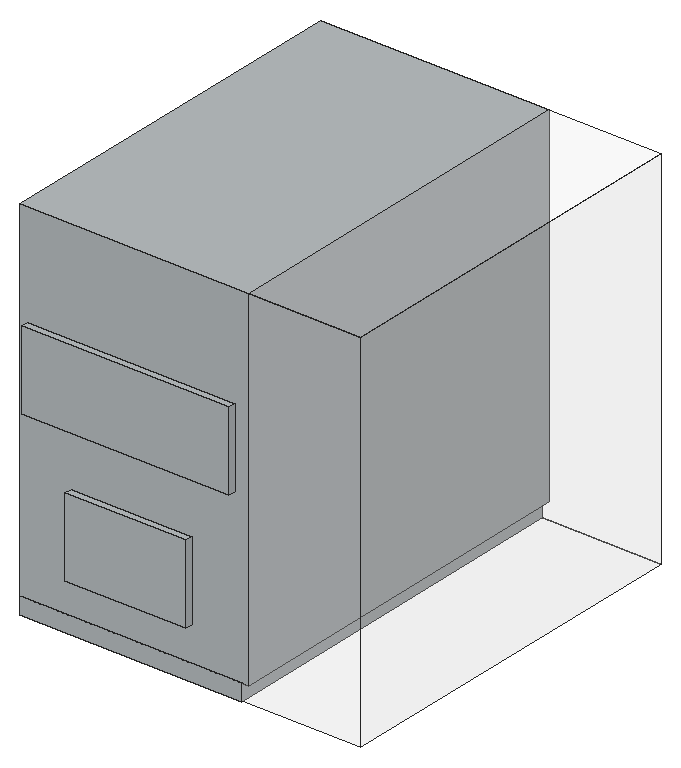
Revit family "lp-500x4-60_60Hz", category 機械設備, Revit 2019
Family settings
  丸型コネクタ寸法 = 直径を使用
  パーツ タイプ = 標準
  OmniClass 番号 = 23.75.10.34.21
  OmniClass タイトル = Heat Exchangers for Ventilation Air
  作業面ベース = いいえ
  常に垂直 = はい
  ロード時にボイドで切り取り = いいえ
  共有 = いいえ
  部屋計算ポイント = はい
Parameters (values of type "LP-500X4-60")
  騒音レベル(dB(A)) = 57.5
  風量 = 5000.0 m³/h
  面風速 = 5.17 m/s
  電源種別 [instance] = ""
  電圧 = 200 V
  電動機出力 = 3.7 W
  集中コントローラ = ""
  運転質量 = 0.00 kg
  連動 [instance] = ""
  質量 = if(製品質量 > 運転質量, 製品質量, 運転質量) * 1.2  # 786.00 kg
  負荷分類 = 3_ファン類
  説明 = "設備用ロスナイ ビル用ロスナイパック形"
  設計風量 = 0.0 m³/h
  設置方法 = "床置形"
  記号 [instance] = ""
  製造元 = "三菱電機株式会社"
  製品質量 = 655.00 kg
  製品出荷対象 = "国内"
  製品リリース年月 = "2018/7/25"
  製品グループ = ""
  系統 [instance] = ""
  符号 = "HEU"
  積算_科目 = "1 空気調和設備"
  積算_拾い区分 [instance] = ""
  相 = 3
  盤記号 [instance] = ""
  発停方法 [instance] = ""
  特殊仕様 [instance] = ""
  火災停止 [instance] = ""
  温度交換効率 = 77.00%
  消費電力 = 5600 W
  法定耐用年数 = "15"
  機外静圧_排気 = 380.0 Pa
  機外静圧 = 380.0 Pa
  極数 = 3
  材質 [instance] = ""
  本体固定用穴ピッチ2 = 565 mm
  本体固定用穴ピッチ1 = 1930 mm
  本体固定用穴_径 = 20 mm
  本体マテリアル = 溶融亜鉛めっき鋼板
  操作・制御方式 = ""
  操作・制御スイッチ = ""
  排気量 = 0.0 m³/h
  形式 = "床置形"
  幹線記号 [instance] = ""
  対象室 [instance] = ""
  実風量 = 0.0 m³/h
  始動方式 [instance] = "直入"
  外気量 = 0.0 m³/h
  呼称 = "全熱交換ユニット"
  周波数 = 60 Hz
  参照している仕様書等のバージョン = "公共建築工事標準仕様書（機械設備工事編）平成31年度版"
  初期抵抗 = 0.0 Pa
  分類コード = "50052504100050"
  分類グループ = ""
  価格 = 7461000
  企業コード = "108420"
  付属品_フィルター_還気 = ""
  付属品_フィルター = ""
  付属品 [instance] = ""
  仕様書バージョン = "Version1.0"
  モデル = "LP-500X4-60"
  メンテナンススペース = yes
  コメント [instance] = ""
  Keynote = ""
  エンタルピ交換効率_暖房 = 66.00%
  エンタルピ交換効率_冷房 = 60.00%
  Assembly Code = ""
  Width = 1218 mm
  W1 = 1180 mm
  Version = ""
  Uniclass2015Version = "Systems v1.9"
  Uniclass2015Title = "Thermal wheels"
  Uniclass2015Code = "Pr_60_60_36_88"
  URL = "https://www.mitsubishielectric.co.jp/ldg/wink/ssl/displayProduct.do?pid=294065"
  SpecificationReference = ""
  SpecificationDescription = ""
  SAサイズ_W = 640 mm
  SAサイズ_D = 420 mm
  Revision = ""
  RAダクト接続_通常 = yes
  RAダクト接続_変更2 = no
  RAダクト接続_変更1 = no
  RAサイズ_W = 1100 mm
  RAサイズ_D = 420 mm
  ProductInformation = ""
  OmniClassCode = "23-27 23 19 11"
  OAダクト接続_通常 = yes
  OAダクト接続_変更2 = no
  OAダクト接続_変更1 = no
  OAサイズ_W = 1100 mm
  OAサイズ_D = 420 mm
  MIN風量 = 0.0 m³/h
  MIN静圧 = 0.0 Pa
  MID風量 = 0.0 m³/h
  MID静圧 = 0.0 Pa
  MAX風量 = 5000.0 m³/h
  MAX静圧 = 380.0 Pa
  IfcTypeProduct = ""
  IfcProduct = ""
  IfcExportType = "ROTARYWHEEL"
  IfcExportAs = "IfcAirToAirHeatRecoveryType"
  Height = 1870 mm
  H1 = 90 mm
  EAサイズ_W = 640 mm
  EAサイズ_D = 420 mm
  Duct_SA_W = 273 mm
  Duct_SA_H = 274 mm
  Duct_RA_W = 43 mm
  Duct_RA_H = 296 mm
  Duct_RA_D = 49 mm
  Duct_Pitch1 = 80 mm
  Duct_OA_W = 43 mm
  Duct_OA_H = 296 mm
  Duct_OA_D = 49 mm
  Duct_Height = 41 mm
  Duct_EA_W = 273 mm
  Duct_EA_H = 274 mm
  Depth = 2000 mm
  D1 = 2000 mm
  Clearance Top = 0 mm
  Clearance Right = 600 mm
  Clearance Left = 0 mm
  Clearance Front = 0 mm
  Clearance Bottom = 0 mm
  Clearance Back = 0 mm
  Author = "三菱電機株式会社"
Reference planes
  plane 1 "中心(正面/背面)": y = 0
  plane 2: z = 0
  plane 3 "中心(左/右)": x = 0
  plane 4: x = 590
  plane 5: x = 628
  plane 6: y = 1000
  plane 7: y = 1000
  plane 8: y = -1000
  plane 9: y = -1000
  plane 10: x = -590
  plane 11: x = -590
  plane 12: y = 741
  plane 13: y = -741
  plane 14: y = -531
  plane 15: y = -951
  plane 16: y = 951
  plane 17: y = 531
  plane 18: x = -547
  plane 19: x = 553
  plane 20: z = 90
  plane 21: z = 1960
  plane 22: z = 2001
  plane 23: y = 565
  plane 24: y = -565
  plane 25: x = -965
  plane 26: x = 965
  plane 27: x = 1228
  plane 28: x = -590
  plane 29: y = 1000
  plane 30: y = -1000
  plane 31: z = 1960
  plane 32: z = 0
  plane 33: x = -317
  plane 34: x = 323
  plane 35: z = 274
  plane 36: z = 694
  plane 37: z = 990
  plane 38: z = 1410
  plane 39: x = -547
  plane 40: x = 553
  plane 41: y = -1041
  plane 42: y = 1041
  plane 43: x = -317
  plane 44: x = 323
  plane 45: z = 274
  plane 46: z = 694
  plane 47: z = 990
  plane 48: z = 1410
  plane 49: z = 1490
  plane 50: z = 1910
  plane 51: z = 1910
  plane 52: z = 1490
Forms (mm)
  Extrusion 1, solid, material "溶融亜鉛めっき鋼板" <- "本体マテリアル", detail levels fine
    sketch origin (0, 0, 0) x (1, 0, 0) y (0, 1, 0)
      loop
        line (-590, 1000) -> (-590, -1000) -> (628, -1000) -> (628, 1000) -> (-590, 1000)
    from 90 to 1960
  Extrusion 2, solid, material "溶融亜鉛めっき鋼板" <- "本体マテリアル", detail levels fine
    sketch origin (0, 0, 0) x (1, 0, 0) y (0, 1, 0)
      loop
        line (-590, 1000) -> (-590, -1000) -> (590, -1000) -> (590, 1000) -> (-590, 1000)
    from 0 to 90
  Extrusion 3, solid, material "溶融亜鉛めっき鋼板" <- "本体マテリアル", visible <- "RAダクト接続_変更1", detail levels fine
    sketch origin (0, 0, 0) x (1, 0, 0) y (0, 1, 0)
      loop
        line (-547, -951) -> (553, -951) -> (553, -531) -> (-547, -531) -> (-547, -951)
    from 1960 to 2001
  Extrusion 4, solid, material "溶融亜鉛めっき鋼板" <- "本体マテリアル", visible <- "OAダクト接続_変更1", detail levels fine
    sketch origin (0, 0, 0) x (1, 0, 0) y (0, 1, 0)
      loop
        line (-547, 951) -> (-547, 531) -> (553, 531) -> (553, 951) -> (-547, 951)
    from 1960 to 2001
  Extrusion 5, solid, material "溶融亜鉛めっき鋼板" <- "本体マテリアル", detail levels fine
    sketch origin (0, 0, 0) x (1, 0, 0) y (0, 0, 1)
      loop
        line (-317, 274) -> (323, 274) -> (323, 694) -> (-317, 694) -> (-317, 274)
    from 1000 to 1041
  Extrusion 6, solid, material "溶融亜鉛めっき鋼板" <- "本体マテリアル", detail levels fine
    sketch origin (0, 0, 0) x (1, 0, 0) y (0, 0, 1)
      loop
        line (323, 694) -> (-317, 694) -> (-317, 274) -> (323, 274) -> (323, 694)
    from -1041 to -1000
  Extrusion 7, solid, material "溶融亜鉛めっき鋼板" <- "本体マテリアル", visible <- "OAダクト接続_通常", detail levels fine
    sketch origin (0, -420, 0) x (1, 0, 0) y (0, 0, 1)
      loop
        line (-547, 990) -> (553, 990) -> (553, 1410) -> (-547, 1410) -> (-547, 990)
    from -1461 to -1420
  Extrusion 8, solid, material "溶融亜鉛めっき鋼板" <- "本体マテリアル", visible <- "RAダクト接続_通常", detail levels fine
    sketch origin (0, 240, 0) x (1, 0, 0) y (0, 0, 1)
      loop
        line (-547, 1410) -> (-547, 990) -> (553, 990) -> (553, 1410) -> (-547, 1410)
    from 1240 to 1281
  Extrusion 9, solid, material "溶融亜鉛めっき鋼板" <- "本体マテリアル", visible <- "OAダクト接続_変更2", detail levels fine
    sketch origin (0, 0, 0) x (1, 0, 0) y (0, 0, 1)
      loop
        line (553, 1490) -> (553, 1910) -> (-547, 1910) -> (-547, 1490) -> (553, 1490)
    from -1041 to -1000
  Extrusion 10, solid, material "溶融亜鉛めっき鋼板" <- "本体マテリアル", visible <- "RAダクト接続_変更2", detail levels fine
    sketch origin (0, 0, 0) x (1, 0, 0) y (0, 0, 1)
      loop
        line (553, 1490) -> (553, 1910) -> (-547, 1910) -> (-547, 1490) -> (553, 1490)
    from 1000 to 1041
Lines and regions (mm)
  Masking region 1, detail levels coarse+medium
    outline origin (1331.5, 88, 0) x (1, 0, 0) y (0, 1, 0)
      loop
        line (-1921.5, 912) -> (-1921.5, -1088) -> (-741.5, -1088) -> (-741.5, 912) -> (-1921.5, 912)
  symbolic lines, detail levels coarse+medium
    curve 1: line (0, 1000, 0) -> (-590, 0, 0)
    curve 2: line (-590, 0, 0) -> (0, -1000, 0)
    curve 3: line (0, -1000, 0) -> (590, 0, 0)
    curve 4: line (0, 1000, 0) -> (590, 0, 0)
Dimensions and locks
  equal spacing: plane 10, plane 3 "中心(左/右)", plane 4
  "W1": plane 10 to plane 4
  "Width": plane 11 to plane 5
  equal spacing: plane 7, plane 1 "中心(正面/背面)", plane 9
  "D1": plane 7 to plane 9
  equal spacing: plane 6, plane 1 "中心(正面/背面)", plane 8
  "Depth": plane 6 to plane 8
  equal spacing: plane 15, plane 13, plane 14
  "RAサイズ_D": plane 15 to plane 14
  equal spacing: plane 17, plane 12, plane 16
  "OAサイズ_D": plane 17 to plane 16
  "RAサイズ_W": plane 18 to plane 19
  locked: plane 11 to plane 10 at 0
  "H1": plane 20 to level
  "Height": plane 21 to plane 20
  "Duct_Height": plane 22 to plane 21
  "本体固定用穴ピッチ2": plane 1 "中心(正面/背面)" to plane 23
  "本体固定用穴ピッチ2": plane 24 to plane 1 "中心(正面/背面)"
  equal spacing: plane 25, plane 3 "中心(左/右)", plane 26
  "本体固定用穴ピッチ1": plane 25 to plane 26
  "Clearance Right": plane 5 to plane 27
  "Clearance Left": plane 28 to plane 11
  "Clearance Back": plane 29 to plane 6
  "Clearance Front": plane 8 to plane 30
  "Clearance Top": plane 31 to plane 21
  "Clearance Bottom": level to plane 32
  "Duct_RA_D": plane 8 to plane 15
  "Duct_OA_D": plane 6 to plane 16
  "Duct_SA_H": plane 35 to level
  "SAサイズ_D": plane 36 to plane 35
  "Duct_RA_H": plane 37 to plane 36
  "RAサイズ_D": plane 38 to plane 37
  "OAサイズ_W": plane 39 to plane 40
  "Duct_OA_W": plane 11 to plane 39
  "Duct_RA_W": plane 11 to plane 18
  "Duct_Height": plane 8 to plane 41
  "SAサイズ_W": plane 34 to plane 33
  "Duct_Height": plane 42 to plane 6
  "Duct_SA_W": plane 33 to plane 11
  "EAサイズ_D": plane 46 to plane 45
  "Duct_EA_H": plane 45 to level
  "Duct_EA_W": plane 43 to plane 11
  "EAサイズ_W": plane 44 to plane 43
  "OAサイズ_D": plane 48 to plane 47
  "Duct_OA_H": plane 47 to plane 46
  "Duct_Pitch1": plane 49 to plane 38
  "RAサイズ_D": plane 50 to plane 49
  "Duct_Pitch1": plane 52 to plane 48
  "OAサイズ_D": plane 51 to plane 52
  aligned and locked: level to plane 2
  aligned and locked: Extrusion 1 sketch curve to plane 6
  aligned and locked: plane 10 to Extrusion 1 sketch curve
  aligned and locked: Extrusion 1 sketch curve to plane 8
  aligned and locked: Extrusion 2 sketch curve to plane 7
  aligned and locked: plane 11 to Extrusion 2 sketch curve
  aligned and locked: Extrusion 2 sketch curve to plane 9
  aligned and locked: plane 15 to Extrusion 3 sketch curve
  aligned and locked: Extrusion 3 sketch curve to plane 18
  aligned and locked: plane 14 to Extrusion 3 sketch curve
  aligned and locked: Extrusion 3 sketch curve to plane 19
  aligned and locked: plane 9 to Masking region 1
  aligned and locked: Masking region 1 to plane 11
  aligned and locked: plane 7 to Masking region 1
  aligned and locked: Masking region 1 to curve 1
  aligned and locked: Masking region 1 to curve 2
  aligned and locked: plane 20 to Extrusion 2
  aligned and locked: plane 21 to Extrusion 1
  aligned and locked: Extrusion 1 to plane 20
  aligned and locked: plane 22 to Extrusion 3
  aligned and locked: Extrusion 3 to plane 21
  aligned and locked: plane 27 to nested 1
  aligned and locked: nested 1 to plane 30
  aligned and locked: nested 1 to plane 29
  aligned and locked: nested 1 to plane 31
  aligned and locked: nested 1 to plane 32
  aligned and locked: plane 9 to curve 2
  aligned and locked: plane 3 "中心(左/右)" to curve 3
  aligned and locked: plane 4 to curve 3
  aligned and locked: plane 3 "中心(左/右)" to curve 4
  aligned and locked: plane 1 "中心(正面/背面)" to curve 4
  aligned and locked: nested 2 to plane 24
  aligned and locked: plane 25 to nested 2
  aligned and locked: nested 2 to plane 26
  aligned and locked: plane 25 to nested 3
  aligned and locked: nested 3 to plane 26
  aligned and locked: plane 1 "中心(正面/背面)" to nested 3
  aligned and locked: plane 25 to nested 4
  aligned and locked: nested 4 to plane 26
  aligned and locked: nested 4 to plane 23
  aligned and locked: nested 1 to plane 28
  aligned and locked: Masking region 1 to plane 4
  aligned and locked: plane 4 to Extrusion 2 sketch curve
  aligned and locked: plane 5 to Extrusion 1 sketch curve
  aligned and locked: Extrusion 4 sketch curve to plane 16
  aligned and locked: plane 18 to Extrusion 4 sketch curve
  aligned and locked: Extrusion 4 sketch curve to plane 17
  aligned and locked: plane 22 to Extrusion 4
  aligned and locked: Extrusion 4 to plane 21
  aligned and locked: Extrusion 5 sketch curve to plane 35
  aligned and locked: Extrusion 5 sketch curve to plane 33
  aligned and locked: plane 36 to Extrusion 5 sketch curve
  aligned and locked: Extrusion 5 sketch curve to plane 34
  aligned and locked: Extrusion 5 to plane 41
  aligned and locked: Extrusion 5 to plane 8
  aligned and locked: Extrusion 6 to plane 42
  aligned and locked: Extrusion 6 to plane 6
  aligned and locked: Extrusion 7 to plane 42
  aligned and locked: Extrusion 7 to plane 6
  aligned and locked: Extrusion 8 sketch curve to plane 38
  aligned and locked: plane 18 to Extrusion 8 sketch curve
  aligned and locked: Extrusion 8 sketch curve to plane 37
  aligned and locked: plane 19 to Extrusion 8 sketch curve
  aligned and locked: Extrusion 8 to plane 41
  aligned and locked: Extrusion 8 to plane 8
  aligned and locked: plane 46 to Extrusion 6 sketch curve
  aligned and locked: plane 44 to Extrusion 6 sketch curve
  aligned and locked: Extrusion 6 sketch curve to plane 45
  aligned and locked: Extrusion 6 sketch curve to plane 43
  aligned and locked: Extrusion 7 sketch curve to plane 47
  aligned and locked: Extrusion 7 sketch curve to plane 18
  aligned and locked: plane 48 to Extrusion 7 sketch curve
  aligned and locked: plane 40 to Extrusion 4 sketch curve
  aligned and locked: Extrusion 7 sketch curve to plane 40
  aligned and locked: plane 52 to Extrusion 9 sketch curve
  aligned and locked: plane 40 to Extrusion 9 sketch curve
  aligned and locked: Extrusion 9 sketch curve to plane 51
  aligned and locked: Extrusion 9 to plane 42
  aligned and locked: Extrusion 9 to plane 6
  aligned and locked: Extrusion 10 sketch curve to plane 49
  aligned and locked: plane 19 to Extrusion 10 sketch curve
  aligned and locked: Extrusion 10 sketch curve to plane 50
  aligned and locked: plane 18 to Extrusion 10 sketch curve
  aligned and locked: plane 39 to Extrusion 9 sketch curve
  aligned and locked: Extrusion 10 to plane 41
  aligned and locked: Extrusion 10 to plane 8
Automatic sketch dimensions
  plane 1 "中心(正面/背面)" to curve 1 = 0 mm
  curve 1 to plane 10 = 0 mm
  curve 4 to plane 7 = 0 mm
  plane 9 to Masking region 1 sketch curve = 0 mm
  Masking region 1 sketch curve to plane 10 = 0 mm
  Masking region 1 sketch curve to plane 4 = 0 mm
  Masking region 1 sketch curve to plane 7 = 0 mm
Nested families
  nested 1: "メンテナンススペース" at (319, 0, 980), visible <- "メンテナンススペース", type "メンテナンススペース"
    with Width 1818 mm, Height 1960 mm, Depth 2000 mm
  nested 2: "固定点" at (-965, -565, 0), type "固定点"
    with W 1930 mm, D 1000 mm
  nested 3: "固定点" at (-965, 0, 0), type "固定点"
    with W 1930 mm, D 1000 mm
  nested 4: "固定点" at (-965, 565, 0), type "固定点"
    with W 1930 mm, D 1000 mm
Connectors
  electrical at (628, 0, 1025), driven by "極数", driven by "負荷分類", driven by "電圧", driven by "消費電力"
    settings: on Extrusion 1, index 5, voltage 200 V, apparent load 5600 VA, apparent load phase1 0 VA, apparent load phase2 0 VA, apparent load phase3 0 VA, power factor 1, load classification "3_ファン類", number of poles 3, system type 30, power factor state 1, is connector primary yes, connector utility no, sub classification motor no, connector description ""
  hvac at (3, -1041, 484), driven by "SAサイズ_D", driven by "SAサイズ_W", driven by "機外静圧", driven by "風量"
    settings: on Extrusion 5, index 6, duct flow 5000.0 m³/h, flow factor 0, pres drop 380.0 Pa, loss coef 0, conn angle 0.00°, conn width 640 mm, conn height 420 mm, conn diameter 609.6 mm, duct sys type 1, conn prof type 1, flow config 0, flow direction 2, loss method 4, conn ref index -1, conn util no, is conn primary yes, conn desc ""
  hvac at (3, -1041, 1200), driven by "RAサイズ_D", driven by "RAサイズ_W", driven by "機外静圧", driven by "風量"
    settings: on Extrusion 8, index 8, duct flow 5000.0 m³/h, flow factor 0, pres drop 380.0 Pa, loss coef 0, conn angle 0.00°, conn width 1100 mm, conn height 420 mm, conn diameter 609.6 mm, duct sys type 2, conn prof type 1, flow config 0, flow direction 1, loss method 4, conn ref index -1, conn util no, is conn primary no, conn desc ""
  hvac at (3, -741, 2001), driven by "RAサイズ_D", driven by "RAサイズ_W"
    settings: on Extrusion 3, index 9, duct flow 0.0 m³/h, flow factor 0, pres drop 0.0 Pa, loss coef 0, conn angle 0.00°, conn width 1100 mm, conn height 420 mm, conn diameter 609.6 mm, duct sys type 2, conn prof type 1, flow config 0, flow direction 1, loss method 4, conn ref index -1, conn util no, is conn primary no, conn desc ""
  hvac at (3, 741, 2001), driven by "OAサイズ_D", driven by "OAサイズ_W", driven by "機外静圧", driven by "風量"
    settings: on Extrusion 4, index 10, duct flow 5000.0 m³/h, flow factor 0, pres drop 380.0 Pa, loss coef 0, conn angle 0.00°, conn width 1100 mm, conn height 420 mm, conn diameter 609.6 mm, duct sys type 4, conn prof type 1, flow config 0, flow direction 1, loss method 4, conn ref index -1, conn util no, is conn primary no, conn desc ""
  hvac at (3, 1041, 1200), driven by "OAサイズ_D", driven by "OAサイズ_W", driven by "機外静圧", driven by "風量"
    settings: on Extrusion 7, index 11, duct flow 5000.0 m³/h, flow factor 0, pres drop 380.0 Pa, loss coef 0, conn angle 0.00°, conn width 1100 mm, conn height 420 mm, conn diameter 609.6 mm, duct sys type 4, conn prof type 1, flow config 0, flow direction 1, loss method 4, conn ref index -1, conn util no, is conn primary no, conn desc ""
  hvac at (3, 1041, 484), driven by "EAサイズ_D", driven by "EAサイズ_W", driven by "機外静圧_排気", driven by "排気量"
    settings: on Extrusion 6, index 12, duct flow 0.0 m³/h, flow factor 0, pres drop 380.0 Pa, loss coef 0, conn angle 0.00°, conn width 640 mm, conn height 420 mm, conn diameter 609.6 mm, duct sys type 3, conn prof type 1, flow config 0, flow direction 2, loss method 4, conn ref index -1, conn util no, is conn primary no, conn desc ""
  hvac at (3, -1041, 1700), driven by "RAサイズ_D", driven by "RAサイズ_W", driven by "機外静圧", driven by "風量"
    settings: on Extrusion 10, index 13, duct flow 5000.0 m³/h, flow factor 0, pres drop 380.0 Pa, loss coef 0, conn angle 0.00°, conn width 1100 mm, conn height 420 mm, conn diameter 609.6 mm, duct sys type 2, conn prof type 1, flow config 0, flow direction 1, loss method 4, conn ref index -1, conn util no, is conn primary no, conn desc ""
  hvac at (3, 1041, 1700), driven by "OAサイズ_D", driven by "OAサイズ_W", driven by "機外静圧", driven by "風量"
    settings: on Extrusion 9, index 14, duct flow 5000.0 m³/h, flow factor 0, pres drop 380.0 Pa, loss coef 0, conn angle 0.00°, conn width 1100 mm, conn height 420 mm, conn diameter 609.6 mm, duct sys type 4, conn prof type 1, flow config 0, flow direction 1, loss method 4, conn ref index -1, conn util no, is conn primary no, conn desc ""
Definition of nested family "メンテナンススペース"
  Parameters (values of type "メンテナンススペース")
    Width [instance] = 500 mm
    Height [instance] = 500 mm
    Depth [instance] = 500 mm
  Reference planes
    plane 1 "中心(正面/背面)": y = 0
    plane 2: z = 0
    plane 3 "中心(左/右)": x = 0
    plane 4: y = -250
    plane 5: x = 250
    plane 6: y = 250
    plane 7: x = -250
    plane 8: z = 250
    plane 9: z = -250
  Forms (mm)
    Extrusion 1, solid
      sketch origin (-638.939, 0, 72.39) x (1, 0, 0) y (0, 1, 0)
        loop
          line (388.939, 250) -> (388.939, -250) -> (888.939, -250) -> (888.939, 250) -> (388.939, 250)
      from -322.39 to 177.61
  Lines and regions (mm)
    symbolic lines
      curve 1: line (-250, 0, 250) -> (250, 0, 250)
      curve 2: line (-250, 0, -250) -> (-250, 0, 250)
      curve 3: line (250, 0, -250) -> (-250, 0, -250)
      curve 4: line (250, 0, 250) -> (250, 0, -250)
      curve 5: line (0, -250, 250) -> (0, 250, 250)
      curve 6: line (0, -250, -250) -> (0, -250, 250)
      curve 7: line (0, 250, -250) -> (0, -250, -250)
      curve 8: line (0, 250, 250) -> (0, 250, -250)
      curve 9: line (-250, 250, 0) -> (250, 250, 0)
      curve 10: line (-250, -250, 0) -> (-250, 250, 0)
      curve 11: line (250, -250, 0) -> (-250, -250, 0)
      curve 12: line (250, 250, 0) -> (250, -250, 0)
  Dimensions and locks
    equal spacing: plane 7, plane 3 "中心(左/右)", plane 5
    equal spacing: plane 4, plane 1 "中心(正面/背面)", plane 6
    "Depth": plane 4 to plane 6
    "Width": plane 7 to plane 5
    equal spacing: plane 8, plane 2, plane 9
    "Height": plane 8 to plane 9
    aligned and locked: plane 9 to curve 3
    aligned and locked: plane 7 to curve 2
    aligned and locked: curve 4 to plane 5
    aligned and locked: plane 5 to Extrusion 1
    aligned and locked: Extrusion 1 to plane 7
    aligned and locked: Extrusion 1 to plane 9
    aligned and locked: plane 8 to Extrusion 1
    aligned and locked: plane 9 to curve 7
  Automatic sketch dimensions
    plane 4 to Extrusion 1 sketch curve = 0 mm
    Extrusion 1 sketch curve to plane 7 = 0 mm
    Extrusion 1 sketch curve to plane 5 = 0 mm
    plane 6 to Extrusion 1 sketch curve = 0 mm
    curve 2 to plane 8 = 0 mm
    plane 4 to curve 11 = 0 mm
    curve 11 to plane 7 = 0 mm
    curve 11 to plane 5 = 0 mm
    plane 6 to curve 10 = 0 mm
    curve 7 to plane 4 = 0 mm
    curve 7 to plane 6 = 0 mm
    curve 6 to plane 8 = 0 mm
Definition of nested family "固定点"
  Parameters (values of type "固定点")
    中心円 = 20 mm
    W [instance] = 1000 mm
    D [instance] = 1000 mm
  Reference planes
    plane 1 "中心(正面/背面)": y = 0
    plane 2: z = 0
    plane 3 "中心(左/右)": x = 0
    plane 4: x = 1000
  Lines and regions (mm)
    symbolic lines, detail levels fine
      curve 1: circle (0, 0, 0) r 10 normal (0, 0, 1)
      curve 2: circle (1000, 0, 0) r 10 normal (0, 0, 1)
      curve 3: line (-200, 0, 0) -> (1200, 0, 0)
      curve 4: line (0, 200, 0) -> (0, -200, 0)
      curve 5: line (1000, 200, 0) -> (1000, -200, 0)
  Dimensions and locks
    "W": plane 3 "中心(左/右)" to plane 4
    "中心円": diameter of curve 1
    "中心円": diameter of curve 2
    aligned and locked: level to plane 2
    aligned and locked: plane 3 "中心(左/右)" to curve 1
    aligned and locked: plane 1 "中心(正面/背面)" to curve 1
    aligned and locked: plane 1 "中心(正面/背面)" to curve 2
    aligned and locked: plane 4 to curve 2
    aligned and locked: plane 1 "中心(正面/背面)" to curve 3
    aligned and locked: curve 4 to plane 3 "中心(左/右)"
    aligned and locked: curve 5 to plane 4
  Automatic sketch dimensions
    curve 3 to plane 3 "中心(左/右)" = 200 mm
    curve 2 to curve 3 = 200 mm
    plane 1 "中心(正面/背面)" to curve 4 = 200 mm
    plane 1 "中心(正面/背面)" to curve 5 = 200 mm
    curve 5 to plane 1 "中心(正面/背面)" = 200 mm
    curve 4 to plane 1 "中心(正面/背面)" = 200 mm
